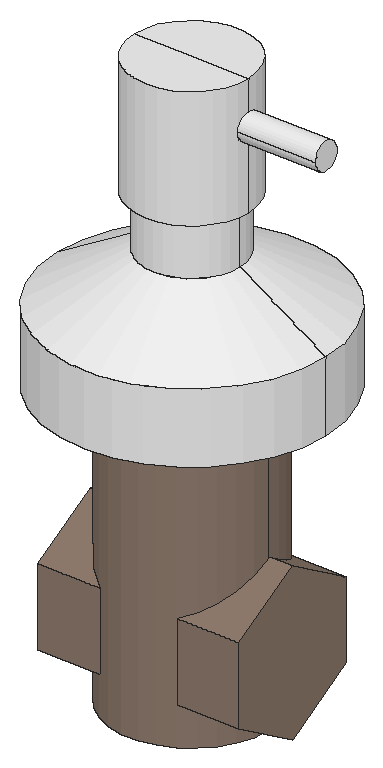
Revit family "Deca_Acabamento para Registro de Gaveta Link_4900.C.GD.LNK", category Plumbing Fixtures, host Face, Revit 2012
Parameters (values of type "4900.C.GD.LNK_Cromado CR10_1 1/2"")
  Vendido Separadamente = ""
  Variações de COR = "Cromado 1 1/4 e 1 1/2  (4900.C.GD.LNK)"  # constant formula
  URL = "www.deca.com.br/produtos"
  Symbol [instance] = no
  Segmento = "Competitivo"  # constant formula
  Raio Ponto de Agua = 20 mm
  Produto = "Acabamento para registro de gaveta Link"  # constant formula
  Pressão = "2 A 40 mca"  # constant formula
  Peso Liquido (Kg) = 0.132
  Norma = "ABNT NBR 10283: 2003"  # constant formula
  Model = Código  # "4900.C.GD.LNK"
  Material = "Deca_Latão Cromado e Plástico de Engenharia"  # constant formula
  Manufacturer = "Deca"  # constant formula
  Louça/Metais = "Metal"  # constant formula
  Linha = "Link"  # constant formula
  Informações Complementares = ""
  Flow Pressure = 0.00 psi
  Diâmetro Ponto de Agua = Raio Ponto de Agua * 2  # 40 mm
  Description = "Acabamento para registro"  # constant formula
  Default Elevation = 0 mm
  Código = "4900.C.GD.LNK"  # constant formula
  Criado por = "Contino/quattroD"  # constant formula
  Consumo = "Varia com a pressão"  # constant formula
  CWFU = 0
  Base de Registro de Gaveta_Family = Deca_Shared_Base de Registro de Gaveta_4900.C.GD.LNK : 4509.502 - DN 40 (1 1/2")
  Base Registro de Gaveta [instance] = yes
  Atendimento ao Cliente = "0800-0117073"  # constant formula
  Assembly Code = "D2020"
  Aprovado por = "Contino/quattroD"  # constant formula
  Acompanha o Produto = ""
  Acabamento de Registro [instance] = yes
  Acabamento = Deca CR10 Cromado Metal
Types (3, lengths in mm): name | Raio Ponto de Agua | Diâmetro Ponto de Agua | Base de Registro de Gaveta_Family
  (no name) | 20 | 40 | Deca_Shared_Base de Registro de Gaveta_4900.C.GD.LNK : 4509.502 - DN 40 (1 1/2")
  4900.C.GD.LNK_Cromado CR10_1 1/2" | 20 | 40 | Deca_Shared_Base de Registro de Gaveta_4900.C.GD.LNK : 4509.502 - DN 40 (1 1/2")
  4900.C.GD.LNK_Cromado CR10_1 1/4" | 16 | 32 | Deca_Shared_Base de Registro de Gaveta_4900.C.GD.LNK : 4509.402 - DN 32 (1 1/4")
Reference planes
  plane 1 "Center (Front/Back)": y = 0
  plane 2: z = 0
  plane 3 "Center (Left/Right)": x = -0.06
  plane 4 "Left 1": x = -40.06
  plane 5 "Right 1": x = 39.94
  plane 6 "Back 1": y = 40
  plane 7 "Front 1": y = -40
  plane 8 "Top 1": z = 87.212
Forms (mm)
  Revolve 1, solid, material "Deca CR10 Cromado Metal" <- "Acabamento", visible <- "Acabamento de Registro"
    sketch origin (0, 0, 0) x (1, 0, 0) y (0, 0, 1)
      loop
        line (-0.06, 0) -> (39.94, 0) -> (39.94, 20.924) -> (14.171, 35.878) -> (14.171, 51.473) -> (16.94, 51.473) -> (16.94, 87.212) -> (-0.06, 87.212) -> (-0.06, 0)
      axis (-0.06, 87.212) -> (-0.06, 0)
    angle from 0 to 360
  Extrusion 2, solid, material "Deca CR10 Cromado Metal" <- "Acabamento", visible <- "Acabamento de Registro"
    sketch origin (-0.06, 0, 0) x (0, 1, 0) y (0, 0, 1)
      loop
        circle (0, 74.587) r 3.95
    from 0 to 40
Lines and regions (mm)
  Masking region 1, visible <- "Acabamento de Registro"
    outline origin (0, 0, 0) x (1, 0, 0) y (0, 1, 0)
      loop
        circle (-0.06, 0) r 40
  Masking region 2, visible <- "Acabamento de Registro"
    outline origin (0, 0, 0) x (1, 0, 0) y (0, 0, 1)
      loop
        line (-17.06, 86.587) -> (-17.06, 51.473) -> (-14.31, 51.473) -> (-14.31, 36.329)
        arc (-14.31, 36.329) -> (-14.417, 35.929) -> (-14.71, 35.636) r 0.8
        line (-14.71, 35.636) -> (-39.66, 21.231)
        arc (-39.66, 21.231) -> (-39.953, 20.938) -> (-40.06, 20.538) r 0.8
        line (-40.06, 20.538) -> (-40.06, 0) -> (-0.06, 0) -> (39.94, 0) -> (39.94, 20.538)
        arc (39.94, 20.538) -> (39.833, 20.938) -> (39.54, 21.231) r 0.8
        line (39.54, 21.231) -> (14.59, 35.636)
        arc (14.59, 35.636) -> (14.297, 35.929) -> (14.19, 36.329) r 0.8
        line (14.19, 36.329) -> (14.19, 51.5) -> (16.94, 51.5) -> (16.94, 70.637) -> (39.42, 70.637) -> (39.42, 78.537) -> (16.94, 78.537) -> (16.94, 86.587)
        arc (16.94, 86.587) -> (-0.06, 86.947) -> (-17.06, 86.587) r 402.354
  Masking region 3, visible <- "Acabamento de Registro"
    outline origin (-0.06, 0, 0) x (0, 1, 0) y (0, 0, 1)
      loop
        line (-17, 86.587) -> (-17, 51.473) -> (-14.25, 51.473) -> (-14.25, 36.329)
        arc (-14.25, 36.329) -> (-14.357, 35.929) -> (-14.65, 35.636) r 0.8
        line (-14.65, 35.636) -> (-39.6, 21.231)
        arc (-39.6, 21.231) -> (-39.893, 20.938) -> (-40, 20.538) r 0.8
        line (-40, 20.538) -> (-40, 0) -> (0, 0) -> (40, 0) -> (40, 20.538)
        arc (40, 20.538) -> (39.893, 20.938) -> (39.6, 21.231) r 0.8
        line (39.6, 21.231) -> (14.65, 35.636)
        arc (14.65, 35.636) -> (14.357, 35.929) -> (14.25, 36.329) r 0.8
        line (14.25, 36.329) -> (14.25, 51.5) -> (17, 51.5) -> (17, 86.587)
        arc (17, 86.587) -> (0, 86.947) -> (-17, 86.587) r 402.354
  symbolic lines, visible <- "Acabamento de Registro"
    curve 1: arc (16.94, 0, 0) -> (-0.06, 17, 0) -> (-17.06, 0, 0) r 17
    curve 2: arc (-17.06, 0, 0) -> (-0.06, -17, 0) -> (16.94, 0, 0) r 17
    curve 3: line (16.475, -3.95, 0) -> (39.42, -3.95, 0)
    curve 4: line (39.42, 3.95, 0) -> (16.475, 3.95, 0)
    curve 5: line (39.42, 3.95, 0) -> (39.42, -3.95, 0)
    curve 7: line (39.65, 0, 21.144) -> (-39.773, 0, 21.144)
    curve 9: line (14.19, 0, 36.155) -> (-14.31, 0, 36.155)
    curve 10: arc (16.94, 0, 78.537) -> (16.415, 0, 74.587) -> (16.94, 0, 70.637) r 15.132
    curve 11: line (-14.291, 0, 51.473) -> (14.171, 0, 51.473)
    curve 12: line (-0.06, -14.231, 51.473) -> (-0.06, 14.382, 51.473)
    curve 14: line (-0.06, -39.718, 21.089) -> (-0.06, 39.718, 21.089)
    curve 16: line (-0.06, 14.329, 35.982) -> (-0.06, -14.329, 35.982)
    curve 17: arc (39.94, 3.95, 74.587) -> (39.94, 0, 78.537) -> (39.94, -3.95, 74.587) r 3.95
    curve 18: arc (39.94, -3.95, 74.587) -> (39.94, 0, 70.637) -> (39.94, 3.95, 74.587) r 3.95
  symbolic lines
    curve 6: line (-40.036, 0, 20.711) -> (39.915, 0, 20.711)
    curve 8: line (-14.56, 0, 35.722) -> (14.44, 0, 35.722)
    curve 13: line (-0.06, 39.972, 20.748) -> (-0.06, -39.972, 20.748)
    curve 15: line (-0.06, -14.486, 35.761) -> (-0.06, 14.486, 35.761)
Dimensions and locks
  plane 8 "Top 1" to host face = 87.212 mm
  host face to plane 8 "Top 1" = 87.212 mm
  plane 4 "Left 1" to plane 5 "Right 1" = 80 mm  (x2)
  plane 7 "Front 1" to plane 6 "Back 1" = 80 mm  (x2)
  aligned and locked: host face to plane 2
  aligned and locked: level to host face
Nested families
  nested 1: "Deca_Shared_Base de Registro de Gaveta_4900.C.GD.LNK" at (-0.36, 0, -61.475), visible <- "Base Registro de Gaveta", Symbol <- "Symbol", type <- "Base de Registro de Gaveta_Family", type "4509.502 - DN 40 (1 1/2")"
    with built-in parameter 1114242 1, Symbol no
Connectors
  piping at (29.94, 0, -61.475), driven by "Raio Ponto de Agua", driven by "Flow Pressure"
    settings: on nested 1, index 1, connector radius 0.7874", flow factor 0, pipe flow 0 GPM, pressure drop 0.00 psi, fitting loss kfactor 0, connector angle 0.00°, fixture units 0, engagement length 0 mm, flow configuration 3, flow direction 0, fitting loss method 4, system type 29, joint type 0, gender type 0, connector reference index -1, connector utility 0, adjustable connector no, is connector primary yes, fitting loss table "", connector description ""
  piping at (-30.06, 0, -61.475), driven by "Raio Ponto de Agua", driven by "Flow Pressure"
    settings: on nested 1, index 2, connector radius 0.7874", flow factor 0, pipe flow 0 GPM, pressure drop 0.00 psi, fitting loss kfactor 0, connector angle 0.00°, fixture units 0, engagement length 0 mm, flow configuration 3, flow direction 0, fitting loss method 4, system type 29, joint type 0, gender type 0, connector reference index -1, connector utility 0, adjustable connector no, is connector primary no, fitting loss table "", connector description ""
Definition of nested family "Deca_Shared_Base de Registro de Gaveta_4900.C.GD.LNK"
  Parameters (values of type "4509.302 - DN 25 (1")")
    Vendido Separadamente = "Não Aplicável"  # constant formula
    Variações de COR = "1/2'' a 1''1/4"  # constant formula
    built-in parameter 1114242 [instance] = 1
    Topo = Deca BR13 Bronze Bruto Metal
    Segmento = "Básicos"  # constant formula
    Symbol [instance] = yes
    Raio Ponto de Agua = 12.3 mm
    Radius Side = DN / 2  # 12.5 mm
    Produto = "Base de registro de gaveta 1\""
    Peso Liquido (Kg) = 0.53
    Norma = "NBR 15705"  # constant formula
    Mín = 49 mm
    Max = 59 mm
    Material = "Bronze Fundido e Plásticos de Engenharia"  # constant formula
    Louça/Metais = "Metais"  # constant formula
    Linha = "-"  # constant formula
    K Coefficient = 0
    Informações Complementares = "Alta durabilidade e resistência; Passagem plena."  # constant formula
    Flow Pressure = 0.00 psi
    Fabricante = "Deca"  # constant formula
    Diâmetro Ponto de Agua = Raio Ponto de Agua * 2  # 24.6 mm
    Descrição = "Base de registro de gaveta"  # constant formula
    DN = 25 mm
    Código = "4509.302"
    Criador por = "Contino/quattroD"  # constant formula
    Corpo = Deca BR13 Bronze Bruto Metal
    URL = "www.deca.com.br"
    Model = Código  # "4509.302"
    Manufacturer = Fabricante  # "Deca"
    Description = Descrição  # "Base de registro de gaveta"
    B = 114 mm
    Atendimento ao Cliente = "0800-0117073"  # constant formula
    Assembly Code = ""
    Aprovado por = "Contino/quattroD"  # constant formula
    Acompanha o Produto = "Não Aplicável"  # constant formula
    A = 52 mm
  Types (5, lengths in mm): name | Topo | Raio Ponto de Agua | Radius Side | Produto | Peso Liquido (Kg) | Mín | Max | Diâmetro Ponto de Agua | DN | Código | Corpo | Model | B | A
    4509.102 - DN 15 (1/2") | Deca BR13 Bronze Bruto Metal | 6.4 | 7.5 | "Base de registro de gaveta 1/2\"" | 0.294 | 32 | 42 | 12.8 | 15 | "4509.102" | Deca BR13 Bronze Bruto Metal | "4509.102" | 96 | 40
    4509.202 - DN 20 (3/4") | none | 9.5 | 10 | "Base de registro de gaveta 3/4\"" | 0.408 | 36 | 46 | 19 | 20 | "4509.202" | none | "4509.202" | 100 | 52
    4509.302 - DN 25 (1") | Deca BR13 Bronze Bruto Metal | 12.3 | 12.5 | "Base de registro de gaveta 1\"" | 0.53 | 49 | 59 | 24.6 | 25 | "4509.302" | Deca BR13 Bronze Bruto Metal | "4509.302" | 114 | 52
    4509.502 - DN 40 (1 1/2") | Deca BR13 Bronze Bruto Metal | 19.1 | 20 | "Base de registro de gaveta 1.1/2\"" | 0.833 | 62 | 52 | 38.2 | 40 | "4509.502" | Deca BR13 Bronze Bruto Metal | "4509.502" | 139 | 60
    4509.402 - DN 32 (1 1/4") | Deca BR13 Bronze Bruto Metal | 15.9 | 16 | "Base de registro de gaveta 1.1/4\"" | 0.834 | 48 | 58 | 31.8 | 32 | "4509.402" | Deca BR13 Bronze Bruto Metal | "4509.402" | 135 | 60
  Reference planes
    plane 1 "Center (Front/Back)": y = 0
    plane 2: z = 0
    plane 3 "Center (Left/Right)": x = 0.3
    plane 4 "Left 2": x = -25.7
    plane 5: through (11.528, 0, 0) normal (0, 0.5, -0.866)
    plane 6: through (11.528, 27.568, 30.35) normal (0, -0.5, 0.866)
    plane 7: through (11.528, 0, 0) normal (0, 0.5, 0.866)
    plane 8: through (11.528, 16.365, 4.985) normal (0, 0.5, 0.866)
    plane 9: through (11.528, 0, 0) normal (0, -0.5, -0.866)
    plane 10: through (11.528, 27.568, -30.35) normal (0, 0.5, 0.866)
    plane 11: through (11.528, 0, 0) normal (0, -0.5, 0.866)
    plane 12: through (11.528, 16.365, -4.985) normal (0, -0.5, 0.866)
    plane 13 "Right 2": x = 26.3
    plane 14 "Top 1": z = 49
    plane 15 "Right 1": x = 19.3
    plane 16 "Left 1": x = -18.7
    plane 17 "Top 2": z = 114
  Forms (mm)
    Extrusion 1, solid, material "Deca BR13 Bronze Bruto Metal" <- "Corpo"
      sketch origin (0, 134.427, 73.647) x (0, 1, 0) y (0, 0, 1)
        loop
          line (-121.927, -66.43) -> (-134.427, -59.213) -> (-146.927, -66.43) -> (-146.927, -80.864) -> (-134.427, -88.081) -> (-121.927, -80.864) -> (-121.927, -66.43)
      from -25.7 to 26.3
    Extrusion 2, solid, material "Deca BR13 Bronze Bruto Metal" <- "Corpo"
      sketch origin (0, 0, 0) x (1, 0, 0) y (0, 1, 0)
        loop
          circle (0.3, 0) r 19
      from -14.434 to 49
    Extrusion 3, solid, material "Deca BR13 Bronze Bruto Metal" <- "Topo"
      sketch origin (0, 0, 0) x (1, 0, 0) y (0, 1, 0)
        loop
          circle (0.3, 0) r 4
      from 49 to 114
  Dimensions and locks
    "Radius Side": plane 6 to plane 5
    "Radius Side": plane 8 to plane 7
    "Radius Side": plane 10 to plane 9
    "Radius Side": plane 12 to plane 11
    "A": plane 4 "Left 2" to plane 13 "Right 2"
    equal spacing: plane 13 "Right 2", plane 3 "Center (Left/Right)", plane 4 "Left 2"
    "Mín": plane 14 "Top 1" to level
    locked: plane 13 "Right 2" to plane 15 "Right 1" at 7
    equal spacing: plane 16 "Left 1", plane 3 "Center (Left/Right)", plane 15 "Right 1"
    plane 4 "Left 2" to plane 13 "Right 2" = 52 mm
    "B": plane 17 "Top 2" to level
    aligned and locked: plane 4 "Left 2" to Extrusion 1
    aligned and locked: plane 13 "Right 2" to Extrusion 1
    aligned and locked: Extrusion 1 to Extrusion 2
    aligned and locked: plane 15 "Right 1" to Extrusion 2 sketch curve
    aligned and locked: plane 14 "Top 1" to Extrusion 2
    aligned and locked: Extrusion 3 to plane 14 "Top 1"
    aligned and locked: plane 17 "Top 2" to Extrusion 3
  Automatic sketch dimensions
    Extrusion 1 sketch curve to plane 5 = 0 mm
    plane 10 to Extrusion 1 sketch curve = 0 mm  (x2)
    Extrusion 1 sketch curve to plane 1 "Center (Front/Back)" = 0 mm  (x2)
    plane 7 to Extrusion 1 sketch curve = 0 mm
    plane 12 to Extrusion 1 sketch curve = 0 mm
    plane 5 to Extrusion 1 sketch curve = 0 mm
    Extrusion 1 sketch curve to plane 6 = 0 mm  (x2)
    plane 1 "Center (Front/Back)" to Extrusion 2 sketch curve = 0 mm
    Extrusion 2 sketch curve to plane 3 "Center (Left/Right)" = 0 mm
    plane 1 "Center (Front/Back)" to Extrusion 3 sketch curve = 0 mm
    Extrusion 3 sketch curve to plane 3 "Center (Left/Right)" = 0 mm
    radius of Extrusion 3 sketch curve = 4 mm
  Nested families
    nested 1: "Symbol" at (0.3, 0, 0), visible <- "Symbol", type "Symbol"
  Connectors
    piping at (26.3, 0, 0), driven by "Raio Ponto de Agua", driven by "Flow Pressure"
      settings: on Extrusion 1, index 3, connector radius 0.48425", flow factor 0, pipe flow 0 GPM, pressure drop 0.00 psi, fitting loss kfactor 0, connector angle 0.00°, fixture units 0, engagement length 0 mm, flow configuration 0, flow direction 0, fitting loss method 4, system type 29, joint type 0, gender type 0, connector reference index -1, connector utility 0, adjustable connector no, is connector primary yes, fitting loss table "", connector description ""
    piping at (-25.7, 0, 0), driven by "Raio Ponto de Agua"
      settings: on Extrusion 1, index 4, connector radius 0.48425", flow factor 0, pipe flow 0 GPM, pressure drop 0.00 psi, fitting loss kfactor 0, connector angle 0.00°, fixture units 0, engagement length 0 mm, flow configuration 0, flow direction 0, fitting loss method 4, system type 29, joint type 0, gender type 0, connector reference index -1, connector utility 0, adjustable connector no, is connector primary no, fitting loss table "", connector description ""
  Definition of nested family "Symbol"
    Reference planes
      plane 1: y = 0
      plane 2: x = 0
    Lines and regions (mm)
      detail lines, style "Centerline"
        curve 1: line (0, 1.651, 0) -> (0, -3.349, 0)
        curve 2: line (0, -3.349, 0) -> (-2.5, -3.349, 0)
        curve 3: circle (0, 0, 0) r 1.651 normal (0, 0, 1)
      detail lines
        curve 4: line (2.5, 1.651, 0) -> (2.5, -1.651, 0)
        curve 5: line (-2.5, 1.651, 0) -> (-2.5, -1.651, 0)
